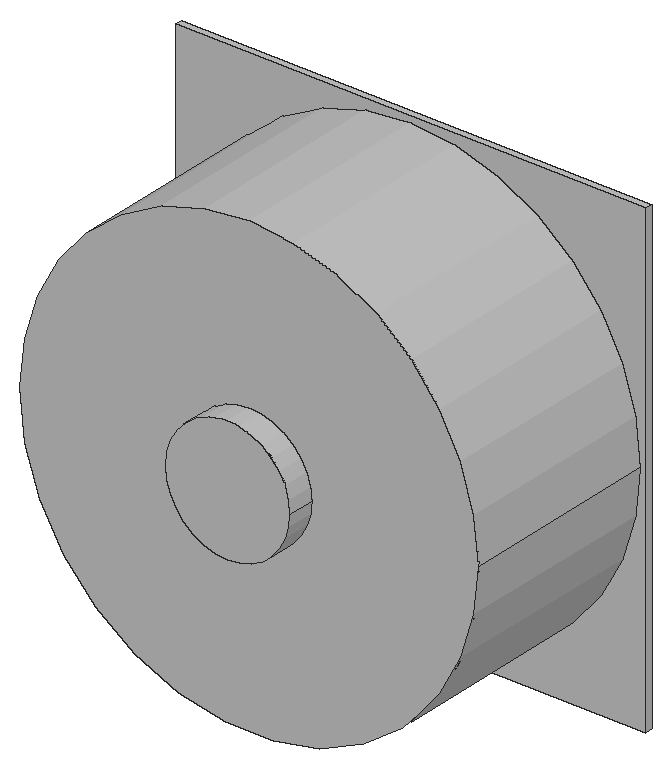
Revit family "eg-50_60etxc2_ftxc2-f_60Hz", category 機械設備, Revit 2019
Family settings
  丸型コネクタ寸法 = 直径を使用
  パーツ タイプ = 標準
  OmniClass 番号 = 23.75.35.21.17
  OmniClass タイトル = Industrial Ventilating Equipment
  作業面ベース = いいえ
  常に垂直 = はい
  ロード時にボイドで切り取り = はい
  共有 = いいえ
  部屋計算ポイント = はい
Parameters (values of type "EG-50ETXC2-F_200V")
  騒音レベル(dB(A)) [instance] = 51.5
  風量 [instance] = 設計風量  # 0.0 m³/h
  電源種別 [instance] = ""
  電圧 = 200 V
  電動機出力 = 400 W
  電動機_種別 [instance] = ""
  運転質量 = 0.00 kg
  連動 [instance] = ""
  質量 = if(製品質量 > 運転質量, 製品質量, 運転質量) * 1.2  # 31.80 kg
  負荷分類 = 3_ファン類
  説明 = "産業用有圧換気扇 低騒音形ステンレスタイプ オールステンレス高耐食タイプ 排気専用"
  設計風量 [instance] = 0.0 m³/h
  設置方法 = "壁付"
  記号 [instance] = ""
  製造元 = "三菱電機株式会社"
  製品質量 = 26.50 kg
  製品出荷対象 = "国内"
  製品リリース年月 = "2022年6月1日"
  製品グループ = ""
  羽根径 = "∅500"
  レグ_Depth = 275.8 mm
  系統 [instance] = ""
  符号 [instance] = if(☑給気／□排気, "FS", "FE")  # "FE"
  積算_科目 = ""
  積算_拾い区分 [instance] = ""
  相 = 3
  盤記号 [instance] = ""
  盤工事区分 = ""
  発停方法 [instance] = ""
  特殊仕様 [instance] = ""
  火災停止 [instance] = ""
  消費電力 = 298 W
  法定耐用年数 = "15"
  極数 = 3
  極 = 6
  材質 [instance] = ""
  操作・制御方式 = ""
  操作・制御スイッチ = ""
  排気量 [instance] = if(☑給気／□排気, 0.0 m³/h, 設計風量)  # 0.0 m³/h
  形式 = ""
  幹線記号 [instance] = ""
  対象室 [instance] = ""
  実風量 [instance] = 0.0 m³/h
  始動方式 [instance] = "直入"
  外気量 [instance] = if(☑給気／□排気, 設計風量, 0.0 m³/h)  # 0.0 m³/h
  呼称 = "有圧扇"
  周波数 = 60 Hz
  参照している仕様書等のバージョン = ""
  分類コード = "50052503100110"
  分類グループ = ""
  価格 = 768000
  企業コード = "108420"
  付属品_防振装置 = ""
  付属品 [instance] = ""
  仕様書バージョン = "Version1.0"
  レグ_Width = 413 mm
  レグ_Height = 413 mm
  モーター径 = 164 mm
  モデル = "EG-50ETXC2-F"
  フレームの厚さ = 10 mm
  ファンの種類 = "軸流羽根"
  コメント [instance] = ""
  Keynote = ""
  オリフィス_Depth = 88 mm
  ☑給気／□排気 [instance] = no
  Width = 620 mm
  Version = ""
  Uniclass2015Version = "Systems v1.9"
  Uniclass2015Title = "Propeller fans"
  Uniclass2015Code = "Pr_65_67_29_67"
  URL = "https://www.mitsubishielectric.co.jp/ldg/wink/ssl/displayProduct.do?pid=318592"
  SpecificationReference = ""
  SpecificationDescription = ""
  Revision = ""
  ProductInformation = ""
  OmniClassCode = "23-33 31 19 11 17"
  MIN風量 = 0.0 m³/h
  MID風量 = 0.0 m³/h
  MAX風量 = 7140.0 m³/h
  IfcTypeProduct = ""
  IfcProduct = ""
  IfcExportType = "TUBEAXIAL"
  IfcExportAs = "IfcFanType"
  Height = 620 mm
  オリフィス径 = 605 mm
  Depth = 311 mm
  Author = "三菱電機株式会社"
Types (4, lengths in mm): name | 騒音レベル(dB(A)) | 電圧 | 電動機出力 | 質量 | 製品質量 | 羽根径 | レグ_Depth | 消費電力 | 価格 | モデル | オリフィス_Depth | Width | URL | MAX風量 | Height | オリフィス径 | Depth
  EG-50ETXC2-F_200V | 51.5 | 200 V | 400 W | 31.80 kg | 26.50 kg | "∅500" | 275.8 | 298 W | 768000 | "EG-50ETXC2-F" | 88 | 620 | "https://www.mitsubishielectric.co.jp/ldg/wink/ssl/displayProduct.do?pid=318592" | 7140.0 m³/h | 620 | 605 | 311
  EG-60FTXC2-F_200V | 55.5 | 200 V | 750 W | 34.80 kg | 29.00 kg | "∅600" | 258.8 | 540 W | 1011000 | "EG-60FTXC2-F" | 93 | 710 | "https://www.mitsubishielectric.co.jp/ldg/wink/ssl/displayProduct.do?pid=318597" | 11160.0 m³/h | 710 | 705 | 294
  EG-50ETXC2-F_220V | 51.5 | 220 V | 400 W | 31.80 kg | 26.50 kg | "∅500" | 275.8 | 298 W | 768000 | "EG-50ETXC2-F" | 88 | 620 | "https://www.mitsubishielectric.co.jp/ldg/wink/ssl/displayProduct.do?pid=318592" | 7140.0 m³/h | 620 | 605 | 311
  EG-60FTXC2-F_220V | 55.5 | 220 V | 750 W | 34.80 kg | 29.00 kg | "∅600" | 258.8 | 545 W | 1011000 | "EG-60FTXC2-F" | 93 | 710 | "https://www.mitsubishielectric.co.jp/ldg/wink/ssl/displayProduct.do?pid=318597" | 11160.0 m³/h | 710 | 705 | 294
Reference planes
  plane 1 "中心(正面/背面)": y = 0
  plane 2: z = 0
  plane 3 "中心(左/右)": x = 0
  plane 4: z = 0
  plane 5: through (212.832, -1524, 243.759) normal (-0.6508, 0, -0.7593)
  plane 6: through (-212.884, -1524, -243.751) normal (0.6508, 0, 0.7593)
  plane 7: through (208.307, -1524, -247.63) normal (-0.6508, 0, 0.7593)
  plane 8: z = 310
  plane 9: z = -310
  plane 10 "左": x = -310
  plane 11 "右": x = 310
  plane 12 "正面": y = -311
  plane 13: y = -10
  plane 14: through (-208.307, -1524, -247.63) normal (-0.6508, 0, -0.7593)
  plane 15: y = -61
  plane 16: y = 39
  plane 17: x = -250
  plane 18: x = 250
  plane 19: y = -275.8
Forms (mm)
  Extrusion 1, solid, detail levels fine
    sketch origin (0, 0, 0) x (1, 0, 0) y (0, 1, 0)
      loop
        line (-310, 0) -> (-310, -10) -> (310, -10) -> (310, 0) -> (-310, 0)
    from -310 to 310
  Extrusion 2, solid, detail levels fine
    sketch origin (140, -23.659, 0) x (-1, 0, 0) y (0, 0, -1)
      loop
        circle (140, 0) r 82
    from 252.141 to 287.341
  Extrusion 3, solid
    sketch origin (0, -153.783, 0) x (1, 0, 0) y (0, 0, 1)
      loop
        circle (0, 0) r 302.5
    from -143.783 to 122.017
Lines and regions (mm)
  Masking region 1, detail levels coarse+medium
    outline origin (0, 0, 0) x (1, 0, 0) y (0, 1, 0)
      loop
        line (-250, -311) -> (250, -311) -> (250, -61) -> (-250, -61) -> (-250, -311)
  Masking region 2, detail levels coarse+medium
    outline origin (0, 0, 0) x (1, 0, 0) y (0, 1, 0)
      loop
        line (-274, -61) -> (274, -61) -> (274, 39) -> (-274, 39) -> (-274, -61)
  symbolic lines, detail levels coarse+medium
    curve 1: circle (274, -291.8, 0) r 115 normal (0, 0, 1)
    curve 2: circle (-274, -291.8, 0) r 115 normal (0, 0, -1)
Dimensions and locks
  level to plane 4 = 0 mm
  equal spacing: plane 8, level, plane 9
  "Depth": plane 12 "正面" to plane 1 "中心(正面/背面)"  (x2)
  "Width": plane 10 "左" to plane 11 "右"
  "Height": plane 8 to plane 9
  "フレームの厚さ": plane 13 to plane 1 "中心(正面/背面)"
  plane 12 "正面" to plane 15 to plane 16 = 250 mm locked, 100 mm locked
  locked: plane 17 to plane 18 at 500
  "レグ_Depth": plane 1 "中心(正面/背面)" to plane 19
  equal spacing: plane 10 "左", plane 3 "中心(左/右)", plane 11 "右"
  "オリフィス径": diameter of Extrusion 3 sketch curve
  "モーター径": diameter of Extrusion 2 sketch curve
  aligned and locked: level to plane 2
  aligned and locked: Extrusion 1 to plane 8
  aligned and locked: plane 10 "左" to Extrusion 1
  aligned and locked: Extrusion 1 to plane 11 "右"
  aligned and locked: plane 9 to Extrusion 1
  aligned and locked: Extrusion 1 to plane 13
  aligned and locked: Extrusion 1 to plane 1 "中心(正面/背面)"  (x5)
  aligned and locked: plane 12 "正面" to Extrusion 2
  aligned and locked: plane 1 "中心(正面/背面)" to Extrusion 1  (x2)
  aligned and locked: plane 4 to Extrusion 2 sketch curve
  aligned and locked: plane 12 "正面" to Masking region 1 sketch curve
  aligned and locked: plane 17 to Masking region 1 sketch curve
  aligned and locked: plane 15 to Masking region 1 sketch curve
  aligned and locked: plane 18 to Masking region 1 sketch curve
  aligned and locked: Masking region 2 sketch curve to plane 15
  aligned and locked: plane 16 to Masking region 2 sketch curve
  aligned and locked: Extrusion 3 to Extrusion 1
  aligned and locked: plane 19 to Extrusion 2
  aligned and locked: Extrusion 3 to plane 19
Automatic sketch dimensions
  Extrusion 1 sketch curve to plane 10 "左" = 0 mm
  Extrusion 1 sketch curve to plane 11 "右" = 0 mm
  Extrusion 1 sketch curve to plane 13 = 0 mm
  plane 1 "中心(正面/背面)" to Extrusion 1 sketch curve = 0 mm
  Extrusion 3 sketch curve to level = 0 mm
  Extrusion 3 sketch curve to plane 3 "中心(左/右)" = 0 mm
  curve 2 to plane 19 = 16 mm
  curve 1 to plane 19 = 16 mm
  curve 2 to plane 10 "左" = 36 mm
  Masking region 2 sketch curve to plane 10 "左" = 36 mm
  plane 11 "右" to curve 1 = 36 mm
  plane 11 "右" to Masking region 2 sketch curve = 36 mm
  Extrusion 2 sketch curve to plane 3 "中心(左/右)" = 0 mm
  radius of curve 1 = 115 mm
  radius of curve 2 = 115 mm
Connectors
  electrical at (310, -5, 0), driven by "電圧", driven by "負荷分類", driven by "消費電力", driven by "極数"
    settings: on Extrusion 1, index 2, voltage 200 V, apparent load 298 VA, apparent load phase1 0 VA, apparent load phase2 0 VA, apparent load phase3 0 VA, power factor 1, load classification "3_ファン類", number of poles 3, system type 30, power factor state 1, is connector primary yes, connector utility no, sub classification motor no, connector description ""
